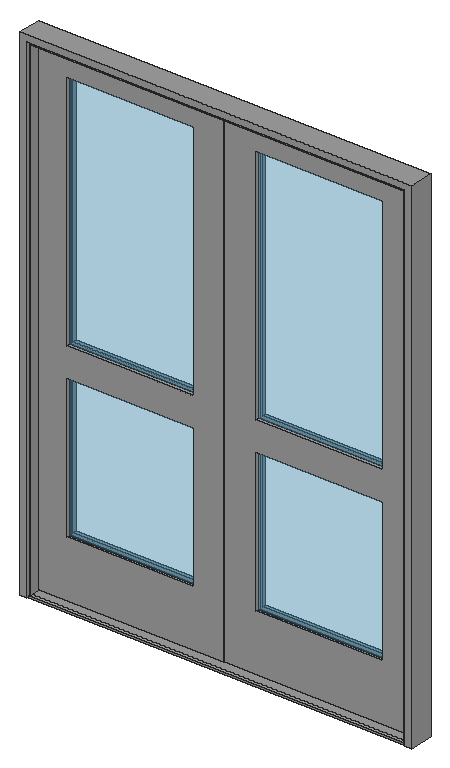
Revit family "WS-500TC DOOR-Double-1-CW_v04", category Curtain Panels, Revit 2015
Parameters
  Width [instance] = 6' - 2"
  URL = "obe.com"
  Rough Width [instance] = 6' - 0"
  Panel Width [instance] = Min Panel Width  # 6' - 0"
  Panel Offset [instance] = 0' - 0"
  Offset [instance] = 0' - 1"
  Model = "WS-500TC DOOR"
  Min Rough Width [instance] = if(Rough Width > 6' 2", Rough Width, 6' 2 1/2")  # 6' - 2 1/2"
  Min Panel Width [instance] = if(Rough Width > 6' 2", Rough Width - 0' 2 1/2", 6' 0")  # 6' - 0"
  Manufacturer = "Oldcastle BuildingEnvelope®"
  Keynote = "08 11 00"
  Hinge [instance] = yes
  Height [instance] = 8' - 0"
  Pushbar Height [instance] = 3' - 5 1/4"  # constant formula
  Glass Material = Glass
  Frame Material = Aluminum
  Door Panel Height [instance] = Height - 0' 0 85/128"  # 7' - 11 43/128"
  Description = "WS-500TC - 1\" Door Infill"
  Assembly Code = "B2030"
  Analytic Construction = "<None>"
  8 Bottom Rail [instance] = no
  8 Muntin [instance] = not([4 Muntin])  # no
  4 Muntin [instance] = yes
  10 Bottom Rail [instance] = not([8 Bottom Rail])  # yes
Reference planes (in)
  plane 1 "Front": y = 0
  plane 2: z = 0
  plane 3 "Center (Left/Right)": x = 0
  plane 4 "Left": x = -37
  plane 5 "Right": x = 37
  plane 6 "Top": z = 96
  plane 7 "Offset": y = -1
  plane 8: x = -37.25
  plane 9: x = 37.25
Forms (in)
  Sweep 1, solid, material "Aluminum" <- "Frame Material"
    path origin (0, -1, 0) x (-1, 0, 0) y (0, 0, 1)
      loop
        line (-37.25, 96) -> (-37.25, 0)
    profile origin (37.25, -1, 48) x (0, 1, 0) y (-1, 0, 0)
      loop
        line (0, 0) -> (0, 1.25) -> (-2.376, 1.25) -> (-2.376, 1.75) -> (-4.088, 1.75) -> (-4.088, 1.25) -> (-4.50055, 1.25) -> (-4.50055, 0) -> (0, 0)
  Sweep 2, solid, material "Aluminum" <- "Frame Material"
    path origin (0, -1, 0) x (-1, 0, 0) y (0, 0, 1)
      loop
        line (37.25, 96) -> (37.25, 0)
    profile origin (-37.25, -1, 48) x (0, 1, 0) y (-1, 0, 0)
      loop
        line (0, 0) -> (-4.50055, 0) -> (-4.50055, -1.25) -> (-4.088, -1.25) -> (-4.088, -1.75) -> (-2.376, -1.75) -> (-2.376, -1.25) -> (0, -1.25) -> (0, 0)
  Sweep 3, solid, material "Aluminum" <- "Frame Material"
    path origin (0, -1, 0) x (-1, 0, 0) y (0, 0, 1)
      loop
        line (37.25, 96) -> (-37.25, 96)
    profile origin (0, -1, 96) x (0, 0, -1) y (0, 1, 0)
      loop
        line (1.25, 0) -> (0, 0) -> (0, -4.50055) -> (1.25, -4.50055) -> (1.25, -4.088) -> (1.75, -4.088) -> (1.75, -2.376) -> (1.25, -2.376) -> (1.25, 0)
Cuts and joins
  joined: Sweep 1, Sweep 2, Sweep 3
Text (in)
  text "Exterior" at (-54.29358, 31.38743, 0), in view "Ref. Level"
  text "Exterior" at (480, 41.53993, 89.60405), in view "Right"
  text "Exterior" at (-240, 57.82419, 105.78864), in view "Left"
Dimensions and locks (in)
  equal spacing: plane 4 "Left", plane 3 "Center (Left/Right)", plane 5 "Right"
  "Width": plane 4 "Left" to plane 5 "Right"
  "Height": plane 6 "Top" to plane 2
  "Offset": plane 7 "Offset" to plane 1 "Front"
  equal spacing: plane 8, plane 3 "Center (Left/Right)", plane 9
  "Min Rough Width": plane 8 to plane 9
  aligned and locked: level to plane 2
  aligned and locked: plane 3 "Center (Left/Right)" to nested 1
  aligned and locked: nested 1 to plane 7 "Offset"
  aligned and locked: plane 2 to Sweep 1 sketch curve
  aligned and locked: plane 6 "Top" to Sweep 1 sketch curve
  aligned and locked: plane 2 to Sweep 2 sketch curve
  aligned and locked: plane 6 "Top" to Sweep 2 sketch curve
  aligned and locked: plane 6 "Top" to Sweep 3 sketch curve
  aligned and locked: plane 8 to Sweep 2 sketch curve
  aligned and locked: Sweep 1 sketch curve to plane 9
  aligned and locked: plane 9 to Sweep 3 sketch curve
  aligned and locked: plane 8 to Sweep 3 sketch curve
Automatic sketch dimensions
  Sweep 2 sketch curve to profile plane = 0' - 0"
  Sweep 2 sketch curve to plane 7 "Offset" = 0' - 0"
  Sweep 2 sketch curve to plane 7 "Offset" = 0' - 2.376"
  Sweep 2 sketch curve to Sweep 2 sketch curve = 0' - 1.712"
  Sweep 2 sketch curve to Sweep 2 sketch curve = 0' - 0.41255"
  profile plane to Sweep 2 sketch curve = 0' - 1 1/4"  (x2)
  Sweep 2 sketch curve to Sweep 2 sketch curve = 0' - 0 1/2"
  Sweep 1 sketch curve to profile plane = 0' - 0"
  Sweep 1 sketch curve to plane 7 "Offset" = 0' - 0"
  Sweep 1 sketch curve to plane 7 "Offset" = 0' - 2.376"
  Sweep 1 sketch curve to Sweep 1 sketch curve = 0' - 1.712"
  Sweep 1 sketch curve to Sweep 1 sketch curve = 0' - 0.41255"
  Sweep 1 sketch curve to profile plane = 0' - 1 1/4"
  Sweep 1 sketch curve to Sweep 1 sketch curve = 0' - 1 1/4"
  Sweep 1 sketch curve to Sweep 1 sketch curve = 0' - 0 1/2"
  Sweep 3 sketch curve to plane 7 "Offset" = 0' - 0"
  Sweep 3 sketch curve to profile plane = 0' - 0"
  Sweep 3 sketch curve to Sweep 3 sketch curve = 0' - 1 1/4"  (x2)
  Sweep 3 sketch curve to Sweep 3 sketch curve = 0' - 0 1/2"
  Sweep 3 sketch curve to Sweep 3 sketch curve = 0' - 2.376"
  Sweep 3 sketch curve to Sweep 3 sketch curve = 0' - 1.712"
  Sweep 3 sketch curve to Sweep 3 sketch curve = 0' - 0.41255"
Nested families (in)
  nested 1: "WS-500TC-DOOR-Double-1-Panel_v03" at (0, -16, 0), Frame Material <- "Frame Material", Glass Material <- "Glass Material", Hinge <- "Hinge", visible <- "Hinge", Width <- "Min Panel Width", Height <- "Door Panel Height", 4 Muntin <- "4 Muntin", 8 Bottom Rail <- "8 Bottom Rail", Offset <- "Panel Offset", type "WS-500TC-DOOR-Double-1-Panel_v03"
    with Wing Width 3' - 0", built-in parameter 1001301 6' - 0", Pushbar Height 3' - 5 1/4", Offset 0' - 0", Hinge yes, built-in parameter 1001300 7' - 11 43/128", Glass at Muntin 0' - 4 9/16", Glass Material Glass, Frame Material Aluminum, Bottom Rail 0' - 10 29/32", 8 Muntin no, 8 Bottom Rail no, 4 Muntin yes, 10 Bottom Rail yes
Definition of nested family "WS-500TC-DOOR-Double-1-Panel_v03"
  Parameters (values of type "WS-500TC-DOOR-Double-1-Panel_v03")
    Wing Width [instance] = Width / 2  # 3' - 0"
    Width [instance] = 6' - 0"
    Pushbar Height [instance] = 3' - 5 1/4"  # constant formula
    Offset [instance] = 0' - 11"
    Hinge [instance] = yes
    Height [instance] = 8' - 0"
    Glass at Muntin [instance] = if([4 Muntin], 0' 4 9/16", 0' 8 9/16")  # 0' - 8 9/16"
    Glass Material [instance] = none
    Frame Material [instance] = none
    Bottom Rail [instance] = if([10 Bottom Rail], 0' 10 29/32", 0' 8 29/32")  # 0' - 10 29/32"
    8 Muntin [instance] = not([4 Muntin])  # yes
    10 Bottom Rail [instance] = not([8 Bottom Rail])  # yes
    4 Muntin [instance] = no
    8 Bottom Rail [instance] = no
  Reference planes (in)
    plane 1 "00": y = 2.75
    plane 2: z = 0
    plane 3 "Center (Left/Right)": x = 0
    plane 4: z = 96
    plane 5: x = -36
    plane 6: x = 36
    plane 7 "Center (Front/Back)": y = 15
    plane 8 "Exterior": y = 3.25
    plane 9: z = 48
    plane 10: z = 10.90625
    plane 11: z = 45.53125
    plane 12: z = 36.96875
    plane 13: z = 90.94129
    plane 14: z = 0
    plane 15: x = -30.55262
    plane 16: x = 30.53244
    plane 17 "Offset": y = 4
    plane 18: z = 41.25
  Forms (in)
    Sweep 1, solid, material <- "Frame Material"
      path origin (0, 2.75, 0) x (1, 0, 0) y (0, 0, 1)
        loop
          line (-35.69697, 96) -> (-0.1998, 96)
      profile origin (-17.94839, 2.75, 96) x (0, 0, 1) y (0, -1, 0)
        loop
          line (-0.71875, -1.12355) -> (-0.71875, 1.12745) -> (-5.46871, 1.12745) -> (-5.46871, 0.5) -> (-5.05871, 0.5) -> (-5.05871, -0.5) -> (-5.46871, -0.5) -> (-5.46871, -1.12355) -> (-0.71875, -1.12355)
    Sweep 2, solid, material <- "Frame Material"
      path origin (0, 2.75, 0) x (1, 0, 0) y (0, 0, 1)
        loop
          line (-0.1998, 0) -> (-35.69697, 0)
      profile origin (-17.94839, 2.75, 0) x (0, 0, -1) y (0, -1, 0)
        loop
          line (-6.93343, -1.12355) -> (-0.688, -1.12355) -> (-0.688, 1.12745) -> (-6.93343, 1.12745) -> (-11.4375, 1.12745) -> (-11.4375, 0.5) -> (-10.90625, 0.5) -> (-10.90625, -0.5) -> (-11.4375, -0.5) -> (-11.4375, -1.12355) -> (-6.93343, -1.12355)
    Sweep 3, solid, material <- "Frame Material"
      path origin (0, 2.75, 0) x (1, 0, 0) y (0, 0, 1)
        loop
          line (36, 95.28125) -> (36, 0.68754)
      profile origin (36, 2.75, 47.9844) x (0, -1, 0) y (1, 0, 0)
        loop
          line (-1.12356, -0.43321) -> (-1.12356, -5.87277) -> (-0.5, -5.87277) -> (-0.5, -5.46277) -> (0.5, -5.46277) -> (0.5, -5.87277) -> (1.12745, -5.87277) -> (1.12745, -0.32321) -> (-1.15856, -0.32321) -> (-1.15856, -0.43321) -> (-1.12356, -0.43321)
    Sweep 4, solid, material <- "Frame Material"
      path origin (0, 2.75, 0) x (1, 0, 0) y (0, 0, 1)
        loop
          line (-36, 95.28125) -> (-36, 0.688)
      profile origin (-36, 2.75, 47.98462) x (0, -1, 0) y (1, 0, 0)
        loop
          line (-1.12355, 5.85259) -> (-1.12355, 0.41303) -> (-1.15855, 0.41303) -> (-1.15855, 0.30303) -> (1.12747, 0.30303) -> (1.12747, 5.85259) -> (0.50002, 5.85259) -> (0.50002, 5.44259) -> (-0.49998, 5.44259) -> (-0.49998, 5.85259) -> (-1.12355, 5.85259)
    Sweep 5, solid, material <- "Frame Material"
      path origin (0, 2.75, 0) x (1, 0, 0) y (0, 0, 1)
        loop
          line (-5.4385, 48) -> (-30.55262, 48)
      profile origin (-17.99556, 2.75, 48) x (0, 0, -1) y (0, -1, 0)
        loop
          line (1.93679, -0.5) -> (1.93679, -1.12355) -> (11.43671, -1.12355) -> (11.43671, -0.5) -> (11.03125, -0.5) -> (11.03125, 0.5) -> (11.43671, 0.5) -> (11.43671, 1.12745) -> (1.93679, 1.12745) -> (1.93679, 0.5) -> (2.46875, 0.5) -> (2.46875, -0.5) -> (1.93679, -0.5)
    Sweep 6, solid, material <- "Frame Material"
      path origin (0, 2.75, 0) x (1, 0, 0) y (0, 0, 1)
        loop
          line (0, 95.28125) -> (0, 0.68754)
      profile origin (0, 2.75, 47.9844) x (0, -1, 0) y (1, 0, 0)
        loop
          line (-1.12355, -5.8485) -> (-0.5, -5.8485) -> (-0.5, -5.4385) -> (0.5, -5.4385) -> (0.5, -5.8485) -> (1.12745, -5.8485) -> (1.12745, -0.09375) -> (-1.12355, -0.09375) -> (-1.12355, -5.8485)
        loop
          line (1.12778, 5.84371) -> (0.5, 5.84371) -> (0.5, 5.43371) -> (-0.5, 5.43371) -> (-0.5, 5.84371) -> (-1.12356, 5.84371) -> (-1.12356, 0.09659) -> (1.12778, 0.09659) -> (1.12778, 5.84371)
    Sweep 7, solid, material <- "Frame Material"
      path origin (0, 2.75, 0) x (1, 0, 0) y (0, 0, 1)
        loop
          line (0.22004, 96) -> (35.67679, 96)
      profile origin (17.94841, 2.75, 96) x (0, 0, 1) y (0, -1, 0)
        loop
          line (-0.71875, -1.12355) -> (-0.71875, 1.12745) -> (-3.83589, 1.12745) -> (-5.46871, 1.12745) -> (-5.46871, 0.5) -> (-5.05871, 0.5) -> (-5.05871, -0.5) -> (-5.46871, -0.5) -> (-5.46871, -1.12355) -> (-3.83589, -1.12355) -> (-0.71875, -1.12355)
    Sweep 8, solid, material <- "Frame Material"
      path origin (0, 2.75, 0) x (1, 0, 0) y (0, 0, 1)
        loop
          line (30.53244, 48) -> (5.43371, 48)
      profile origin (17.98307, 2.75, 48) x (0, 0, -1) y (0, -1, 0)
        loop
          line (1.93679, -0.5) -> (1.93679, -1.12355) -> (11.43671, -1.12355) -> (11.43671, -0.5) -> (11.03125, -0.5) -> (11.03125, 0.5) -> (11.43671, 0.5) -> (11.43671, 1.12745) -> (1.93679, 1.12745) -> (1.93679, 0.5) -> (2.46875, 0.5) -> (2.46875, -0.5) -> (1.93679, -0.5)
    Sweep 9, solid, material <- "Frame Material"
      path origin (0, 2.75, 0) x (1, 0, 0) y (0, 0, 1)
        loop
          line (35.67679, 0) -> (0.22004, 0)
      profile origin (17.94841, 2.75, 0) x (0, 0, -1) y (0, -1, 0)
        loop
          line (-3.49593, -1.12355) -> (-0.68754, -1.12355) -> (-0.68754, 1.12745) -> (-11.4375, 1.12745) -> (-11.4375, 0.5) -> (-10.90625, 0.5) -> (-10.90625, -0.5) -> (-11.4375, -0.5) -> (-11.4375, -1.12355) -> (-3.49593, -1.12355)
    Extrusion 10, solid, material <- "Glass Material", detail levels coarse
      sketch origin (0, 0, 0) x (1, 0, 0) y (0, 1, 0)
        loop
          line (5.43371, 3.25) -> (5.43371, 2.25) -> (30.53244, 2.25) -> (30.53244, 3.25) -> (5.43371, 3.25)
      from 36.96875 to 10.90625
    Extrusion 11, solid, material <- "Glass Material", detail levels medium+fine
      sketch origin (0, 0, 0) x (1, 0, 0) y (0, 1, 0)
        loop
          line (5.43371, 2.25) -> (30.53244, 2.25) -> (30.53244, 2.498) -> (5.43371, 2.498) -> (5.43371, 2.25)
        loop
          line (30.53244, 3.25) -> (5.43371, 3.25) -> (5.43371, 3.002) -> (30.53244, 3.002) -> (30.53244, 3.25)
      from 10.90625 to 36.96875
    Extrusion 12, solid, material <- "Glass Material", detail levels medium+fine
      sketch origin (0, 0, 0) x (1, 0, 0) y (0, 1, 0)
        loop
          line (5.43371, 3.25) -> (5.43371, 3.002) -> (30.53244, 3.002) -> (30.53244, 3.25) -> (5.43371, 3.25)
        loop
          line (30.53244, 2.25) -> (30.53244, 2.498) -> (5.43371, 2.498) -> (5.43371, 2.25) -> (30.53244, 2.25)
      from 45.53125 to 90.94129
    Extrusion 13, solid, material <- "Glass Material", detail levels coarse
      sketch origin (0, 0, 0) x (1, 0, 0) y (0, 1, 0)
        loop
          line (5.43371, 3.25) -> (5.43371, 2.25) -> (30.53244, 2.25) -> (30.53244, 3.25) -> (5.43371, 3.25)
      from 45.53125 to 90.94129
    Extrusion 14, solid, material <- "Glass Material", detail levels medium+fine
      sketch origin (0, 0, 0) x (1, 0, 0) y (0, 1, 0)
        loop
          line (-30.55262, 2.25) -> (-5.4385, 2.25) -> (-5.4385, 2.498) -> (-30.55262, 2.498) -> (-30.55262, 2.25)
        loop
          line (-5.4385, 3.25) -> (-30.55262, 3.25) -> (-30.55262, 3.002) -> (-5.4385, 3.002) -> (-5.4385, 3.25)
      from 10.90625 to 36.96875
    Extrusion 15, solid, material <- "Glass Material", detail levels coarse
      sketch origin (0, 0, 0) x (1, 0, 0) y (0, 1, 0)
        loop
          line (-30.55262, 3.25) -> (-30.55262, 2.25) -> (-5.4385, 2.25) -> (-5.4385, 3.25) -> (-30.55262, 3.25)
      from 45.53125 to 90.94129
    Extrusion 16, solid, material <- "Glass Material", detail levels coarse
      sketch origin (0, 0, 0) x (1, 0, 0) y (0, 1, 0)
        loop
          line (-30.55262, 3.25) -> (-30.55262, 2.25) -> (-5.4385, 2.25) -> (-5.4385, 3.25) -> (-30.55262, 3.25)
      from 10.90625 to 36.96875
    Extrusion 17, solid, material <- "Glass Material", detail levels medium+fine
      sketch origin (0, 0, 0) x (1, 0, 0) y (0, 1, 0)
        loop
          line (-30.55262, 3.25) -> (-30.55262, 3.002) -> (-5.4385, 3.002) -> (-5.4385, 3.25) -> (-30.55262, 3.25)
        loop
          line (-30.55262, 2.498) -> (-30.55262, 2.25) -> (-5.4385, 2.25) -> (-5.4385, 2.498) -> (-30.55262, 2.498)
      from 45.53125 to 90.94129
    Sweep 18, solid, material <- "Frame Material"
      path origin (0, 4, 0) x (1, 0, 0) y (0, 0, 1)
        loop
          line (35.67679, 0) -> (-35.69697, 0)
      profile origin (-0.01009, 4, 0) x (0, 0, -1) y (0, -1, 0)
        loop
          line (-0.5, 3.88246) -> (-0.5, 0.38246) -> (-0.25001, -0.11755) -> (0, -0.11755) -> (0, 4.38245) -> (-0.25001, 4.38245) -> (-0.5, 3.88246)
  Cuts and joins
    joined: Sweep 1, Sweep 2, Sweep 3, Sweep 4, Sweep 5, Sweep 6, Sweep 7, Sweep 8, Sweep 9
  Lines and regions (in)
    model lines
      curve 1: line (5.84371, 3.25, 90.53129) -> (30.12723, 3.25, 48)
      curve 2: line (30.12723, 3.25, 48) -> (5.84371, 3.25, 11.4375)
      curve 3: line (-5.8485, 3.25, 90.54626) -> (-30.14741, 3.25, 48)
      curve 4: line (-30.14741, 3.25, 48) -> (-5.8485, 3.25, 11.4375)
  Dimensions and locks (in)
    "Height": plane 4 to level
    equal spacing: plane 5, plane 3 "Center (Left/Right)", plane 6
    plane 1 "00" to plane 8 "Exterior" to plane 17 "Offset" = 0' - 0 1/2" locked, 0' - 0 3/4" locked
    equal spacing: level, plane 9, plane 4
    locked: plane 3 "Center (Left/Right)" to Sweep 2 sketch curve at 0.1998
    locked: Sweep 3 sketch curve to plane 4 at 0.71875
    locked: Sweep 4 sketch curve to plane 4 at 0.71875
    locked: plane 3 "Center (Left/Right)" to Sweep 1 sketch curve at 0.1998
    locked: plane 3 "Center (Left/Right)" to Sweep 5 sketch curve at 5.4385
    locked: Sweep 7 sketch curve to plane 3 "Center (Left/Right)" at 0.22004
    locked: Sweep 8 sketch curve to plane 3 "Center (Left/Right)" at 5.43371
    locked: Sweep 9 sketch curve to plane 3 "Center (Left/Right)" at 0.22004
    locked: Sweep 6 sketch curve to plane 4 at 0.71875
    plane 12 to Sweep 8 sketch curve = 0' - 0.40546"  (x2)
    Sweep 8 sketch curve to plane 11 = 0' - 0.53196"  (x2)
    locked: Sweep 9 sketch curve to plane 10 at 0.53125  (x2)
    locked: Sweep 2 sketch curve to plane 10 at 0.53125  (x2)
    locked: Sweep 5 sketch curve to plane 11 at 0.53196  (x2)
    locked: plane 12 to Sweep 5 sketch curve at 0.40546  (x2)
    equal spacing: plane 4, plane 9, plane 14
    plane 4 to plane 13 = 0' - 5.05871"
    Extrusion 14 sketch curve to Extrusion 14 sketch curve to plane 1 "00" to Extrusion 14 sketch curve to Extrusion 14 sketch curve = 0' - 0.248" locked, 0' - 0.252" locked, 0' - 0.252" locked, 0' - 0.248" locked
    Extrusion 16 sketch curve to plane 1 "00" to Extrusion 16 sketch curve = 0' - 0 1/2" locked, 0' - 0 1/2" locked
    Extrusion 17 sketch curve to Extrusion 17 sketch curve to plane 1 "00" to Extrusion 17 sketch curve to Extrusion 17 sketch curve = 0' - 0.248" locked, 0' - 0.252" locked, 0' - 0.252" locked, 0' - 0.248" locked
    Extrusion 15 sketch curve to plane 1 "00" to Extrusion 15 sketch curve = 0' - 0 1/2" locked, 0' - 0 1/2" locked
    Extrusion 13 sketch curve to plane 1 "00" to Extrusion 13 sketch curve = 0' - 0 1/2" locked, 0' - 0 1/2" locked
    Extrusion 12 sketch curve to Extrusion 12 sketch curve to plane 1 "00" to Extrusion 12 sketch curve to Extrusion 12 sketch curve = 0' - 0.248" locked, 0' - 0.252" locked, 0' - 0.252" locked, 0' - 0.248" locked
    Extrusion 11 sketch curve to Extrusion 11 sketch curve to plane 1 "00" to Extrusion 11 sketch curve to Extrusion 11 sketch curve = 0' - 0.248" locked, 0' - 0.252" locked, 0' - 0.252" locked, 0' - 0.248" locked
    Extrusion 10 sketch curve to plane 1 "00" to Extrusion 10 sketch curve = 0' - 0 1/2" locked, 0' - 0 1/2" locked
    "Bottom Rail": plane 10 to plane 14
    "Glass at Muntin": plane 11 to plane 12
    locked: Extrusion 17 sketch curve to plane 3 "Center (Left/Right)" at 5.4385
    locked: Extrusion 14 sketch curve to plane 3 "Center (Left/Right)" at 5.4385
    locked: plane 3 "Center (Left/Right)" to Extrusion 12 sketch curve at 5.43371
    locked: plane 3 "Center (Left/Right)" to Extrusion 11 sketch curve at 5.43371
    locked: plane 5 to plane 15 at 5.44738
    locked: plane 16 to plane 6 at 5.46756
    "Width": plane 5 to plane 6
    locked: Sweep 1 sketch curve to plane 5 at 0.30303
    locked: plane 6 to Sweep 7 sketch curve at 0.32321
    locked: plane 6 to Sweep 9 sketch curve at 0.32321
    locked: Sweep 2 sketch curve to plane 5 at 0.30303
    equal spacing: plane 11, plane 18, plane 12
    "Pushbar Height": plane 18 to plane 14
    "Offset": plane 17 "Offset" to plane 7 "Center (Front/Back)"
    locked: Sweep 18 sketch curve to plane 5 at 0.30303
    locked: plane 6 to Sweep 18 sketch curve at 0.32321
    locked: plane 14 to Sweep 3 sketch curve at 0.68754
    locked: plane 14 to Sweep 6 sketch curve at 0.68754
    locked: plane 14 to Sweep 4 sketch curve at 0.688
    aligned and locked: plane 2 to level
    aligned and locked: Sweep 1 sketch curve to plane 4
    aligned and locked: Sweep 2 sketch curve to level
    aligned and locked: Sweep 5 sketch curve to plane 9
    aligned and locked: plane 3 "Center (Left/Right)" to Sweep 6 sketch curve
    aligned and locked: Sweep 9 sketch curve to level
    aligned and locked: Sweep 8 sketch curve to plane 9
    aligned and locked: plane 4 to Sweep 7 sketch curve
    aligned and locked: Sweep 8 sketch curve to plane 11
    aligned and locked: plane 12 to Sweep 8 sketch curve
    aligned and locked: plane 10 to cut or joined group of Sweep 1, Sweep 2, Sweep 3, Sweep 4, Sweep 5, Sweep 6, Sweep 7, Sweep 8, Sweep 9
    aligned and locked: Extrusion 14 to plane 10
    aligned and locked: plane 12 to Extrusion 14
    aligned and locked: Extrusion 15 to plane 11
    aligned and locked: plane 13 to Extrusion 15
    aligned and locked: Extrusion 17 to plane 11
    aligned and locked: plane 13 to Extrusion 17
    aligned and locked: Extrusion 16 to plane 10
    aligned and locked: plane 12 to Extrusion 16
    aligned and locked: Extrusion 12 to plane 11
    aligned and locked: plane 11 to cut or joined group of Sweep 1, Sweep 2, Sweep 3, Sweep 4, Sweep 5, Sweep 6, Sweep 7, Sweep 8, Sweep 9
    aligned and locked: cut or joined group of Sweep 1, Sweep 2, Sweep 3, Sweep 4, Sweep 5, Sweep 6, Sweep 7, Sweep 8, Sweep 9 to plane 13
    aligned and locked: plane 13 to Extrusion 12
    aligned and locked: plane 13 to Extrusion 13
    aligned and locked: Extrusion 13 to plane 11
    aligned and locked: plane 12 to Extrusion 10
    aligned and locked: plane 12 to Extrusion 11
    aligned and locked: Extrusion 11 to plane 10
    aligned and locked: Extrusion 10 to plane 10
    aligned and locked: Sweep 7 sketch curve to plane 13
    aligned and locked: plane 11 to Sweep 5 sketch curve
    aligned and locked: Sweep 5 sketch curve to plane 12
    aligned and locked: plane 10 to Sweep 2 sketch curve
    aligned and locked: Sweep 1 sketch curve to plane 13
    aligned and locked: cut or joined group of Sweep 1, Sweep 2, Sweep 3, Sweep 4, Sweep 5, Sweep 6, Sweep 7, Sweep 8, Sweep 9 to curve 4
    aligned and locked: plane 9 to curve 4
    aligned and locked: curve 3 to cut or joined group of Sweep 1, Sweep 2, Sweep 3, Sweep 4, Sweep 5, Sweep 6, Sweep 7, Sweep 8, Sweep 9
    aligned and locked: cut or joined group of Sweep 1, Sweep 2, Sweep 3, Sweep 4, Sweep 5, Sweep 6, Sweep 7, Sweep 8, Sweep 9 to curve 1
    aligned and locked: cut or joined group of Sweep 1, Sweep 2, Sweep 3, Sweep 4, Sweep 5, Sweep 6, Sweep 7, Sweep 8, Sweep 9 to curve 2
    aligned and locked: Extrusion 17 sketch curve to plane 15  (x2)
    aligned and locked: Extrusion 15 sketch curve to plane 15
    aligned and locked: Extrusion 13 sketch curve to plane 16
    aligned and locked: Extrusion 12 sketch curve to plane 16  (x2)
    aligned and locked: Sweep 3 sketch curve to plane 6
    aligned and locked: Sweep 4 sketch curve to plane 5
    aligned and locked: Extrusion 16 to plane 15
    aligned and locked: Extrusion 14 to plane 15  (x2)
    aligned and locked: plane 16 to Extrusion 11  (x2)
    aligned and locked: plane 16 to Extrusion 10
    aligned and locked: plane 15 to Sweep 5 sketch curve
    aligned and locked: plane 16 to Sweep 8 sketch curve
    aligned and locked: plane 9 to curve 2
    aligned and locked: Sweep 18 sketch curve to plane 14
  Automatic sketch dimensions
    Sweep 5 sketch curve to plane 1 "00" = 0' - 1.12355"
    Sweep 5 sketch curve to plane 1 "00" = 0' - 0 1/2"  (x2)
    plane 1 "00" to Sweep 5 sketch curve = 0' - 0 1/2"  (x2)
    Sweep 5 sketch curve to Sweep 5 sketch curve = 0' - 0.62745"
    Sweep 2 sketch curve to plane 1 "00" = 0' - 1.12355"
    Sweep 2 sketch curve to Sweep 2 sketch curve = 0' - 3.97282"
    Sweep 2 sketch curve to Sweep 2 sketch curve = 0' - 0"
    profile plane to Sweep 2 sketch curve = 0' - 0.688"
    Sweep 2 sketch curve to plane 1 "00" = 0' - 0 1/2"
    plane 1 "00" to Sweep 2 sketch curve = 0' - 0 1/2"
    plane 1 "00" to Sweep 2 sketch curve = 0' - 1.12745"
    Sweep 1 sketch curve to plane 1 "00" = 0' - 0 1/2"
    Sweep 1 sketch curve to Sweep 1 sketch curve = 0' - 0"
    Sweep 1 sketch curve to Sweep 1 sketch curve = 0' - 0.41"
    profile plane to Sweep 1 sketch curve = 0' - 0 23/32"
    Sweep 1 sketch curve to plane 1 "00" = 0' - 1.12355"
    plane 1 "00" to Sweep 1 sketch curve = 0' - 0 1/2"
    plane 1 "00" to Sweep 1 sketch curve = 0' - 1.12745"
    Sweep 9 sketch curve to Sweep 9 sketch curve = 0' - 0 17/32"
    Sweep 9 sketch curve to plane 1 "00" = 0' - 1.12355"
    Sweep 9 sketch curve to Sweep 9 sketch curve = 0' - 2.80839"
    Sweep 9 sketch curve to plane 1 "00" = 0' - 0 1/2"
    plane 1 "00" to Sweep 9 sketch curve = 0' - 0 1/2"
    Sweep 9 sketch curve to Sweep 9 sketch curve = 0' - 0.62745"
    Sweep 7 sketch curve to Sweep 7 sketch curve = 0' - 0.41"  (x2)
    Sweep 7 sketch curve to Sweep 7 sketch curve = 0' - 1.22282"  (x2)
    profile plane to Sweep 7 sketch curve = 0' - 0 23/32"
    Sweep 7 sketch curve to plane 1 "00" = 0' - 1.12355"
    Sweep 7 sketch curve to plane 1 "00" = 0' - 0 1/2"
    plane 1 "00" to Sweep 7 sketch curve = 0' - 0 1/2"
    plane 1 "00" to Sweep 7 sketch curve = 0' - 1.12745"
    Sweep 8 sketch curve to plane 1 "00" = 0' - 1.12355"
    Sweep 8 sketch curve to plane 1 "00" = 0' - 0 1/2"  (x2)
    plane 1 "00" to Sweep 8 sketch curve = 0' - 0 1/2"  (x2)
    Sweep 8 sketch curve to Sweep 8 sketch curve = 0' - 0.62745"
    Sweep 4 sketch curve to plane 1 "00" = 0' - 1.15855"
    Sweep 4 sketch curve to Sweep 4 sketch curve = 0' - 0.035"
    Sweep 4 sketch curve to plane 1 "00" = 0' - 0 1/2"
    plane 1 "00" to Sweep 4 sketch curve = 0' - 0 1/2"
    Sweep 4 sketch curve to Sweep 4 sketch curve = 0' - 0.62745"
    Sweep 4 sketch curve to profile plane = 0' - 0.30303"
    Sweep 4 sketch curve to Sweep 4 sketch curve = 0' - 0.11"
    Sweep 4 sketch curve to Sweep 4 sketch curve = 0' - 5.02956"
    Sweep 4 sketch curve to Sweep 4 sketch curve = 0' - 0.41"  (x2)
    Sweep 3 sketch curve to plane 1 "00" = 0' - 1.15856"
    Sweep 3 sketch curve to Sweep 3 sketch curve = 0' - 0.035"
    Sweep 3 sketch curve to plane 1 "00" = 0' - 0 1/2"
    plane 1 "00" to Sweep 3 sketch curve = 0' - 0 1/2"
    plane 1 "00" to Sweep 3 sketch curve = 0' - 1.12745"
    profile plane to Sweep 3 sketch curve = 0' - 5.87277"
    Sweep 3 sketch curve to Sweep 3 sketch curve = 0' - 0"
    Sweep 3 sketch curve to Sweep 3 sketch curve = 0' - 0.41"
    profile plane to Sweep 3 sketch curve = 0' - 0.43321"
    profile plane to Sweep 3 sketch curve = 0' - 0.32321"
    Extrusion 10 sketch curve to plane 6 = 0' - 5.46756"
    Extrusion 11 sketch curve to plane 6 = 0' - 5.46756"
    Extrusion 11 sketch curve to Extrusion 11 sketch curve = 0' - 0"  (x2)
    plane 5 to Extrusion 14 sketch curve = 0' - 5.44738"
    Extrusion 14 sketch curve to Extrusion 14 sketch curve = 0' - 0"  (x2)
    plane 5 to Extrusion 16 sketch curve = 0' - 5.44738"
    Sweep 6 sketch curve to plane 1 "00" = 0' - 0 1/2"  (x2)
    Sweep 6 sketch curve to Sweep 6 sketch curve = 0' - 0.62355"
    Sweep 6 sketch curve to Sweep 6 sketch curve = 0' - 0.62356"
    plane 1 "00" to Sweep 6 sketch curve = 0' - 0 1/2"  (x2)
    Sweep 6 sketch curve to Sweep 6 sketch curve = 0' - 0.62745"
    Sweep 6 sketch curve to Sweep 6 sketch curve = 0' - 0.62778"
    profile plane to Sweep 6 sketch curve = 0' - 5.8485"
    Sweep 6 sketch curve to Sweep 6 sketch curve = 0' - 0"
    Sweep 6 sketch curve to Sweep 6 sketch curve = 0' - 0.41"  (x3)
    Sweep 6 sketch curve to profile plane = 0' - 5.43371"
    profile plane to Sweep 6 sketch curve = 0' - 0 3/32"
    Sweep 6 sketch curve to profile plane = 0' - 0.09659"
    plane 15 to curve 3 = 0' - 0.40521"
    curve 2 to plane 16 = 0' - 0.40521"
    plane 10 to curve 4 = 0' - 0 17/32"
    plane 10 to curve 2 = 0' - 0 17/32"
    curve 1 to plane 13 = 0' - 0.41"
    curve 3 to plane 13 = 0' - 0.39503"
    profile plane to Sweep 9 sketch curve = 0' - 3.49593"
    profile plane to Sweep 18 sketch curve = 0' - 0 1/2"
    plane 17 "Offset" to Sweep 18 sketch curve = 0' - 0.38246"
    Sweep 18 sketch curve to plane 17 "Offset" = 0' - 0.11755"
    profile plane to Sweep 18 sketch curve = 0' - 0 1/4"  (x2)
    Sweep 18 sketch curve to Sweep 18 sketch curve = 0' - 3 1/2"
    Sweep 18 sketch curve to Sweep 18 sketch curve = 0' - 0 1/2"
    Sweep 18 sketch curve to profile plane = 0' - 0"
    plane 3 "Center (Left/Right)" to Extrusion 10 sketch curve = 0' - 5.43371"
    Extrusion 12 sketch curve to Extrusion 12 sketch curve = 0' - 0"
    plane 3 "Center (Left/Right)" to Extrusion 13 sketch curve = 0' - 5.43371"
    Extrusion 15 sketch curve to plane 3 "Center (Left/Right)" = 0' - 5.4385"
    Extrusion 16 sketch curve to plane 3 "Center (Left/Right)" = 0' - 5.4385"
    Extrusion 17 sketch curve to Extrusion 17 sketch curve = 0' - 0"
